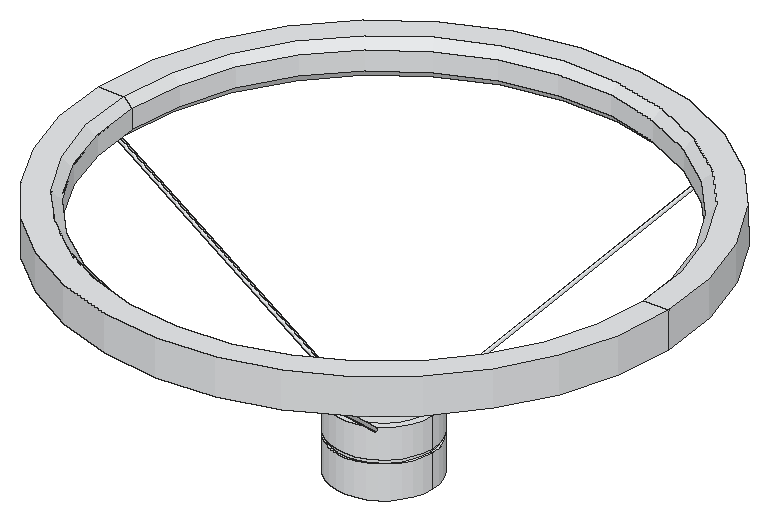
Revit family "32L-CR40-P-D", category Lighting Fixtures, host Face, Revit 2012
Parameters (values of type "ITL88488")
  Wattage = 9.2903 W
  built-in parameter 1150110 = 1 (stored number, unit not read)
  Voltage = 120 V
  URL = "http://www.litecontrol.com/"
  built-in parameter 1114217 = 1 (stored number, unit not read)
  Tilt Angle = 90.00°
  built-in parameter 1150109 = 1 (stored number, unit not read)
  built-in parameter 1150134 = 3
  built-in parameter 1150113 = 1 (stored number, unit not read)
  Product Page URL = "http://www.litecontrol.com/products/independant_32_led_cylinder_ring_pendant_direct"
  Product Documentation Link = "http://cdn.litecontrol.com/content/products/specs/specs_files/32L-CR-P-D.pdf"
  Photometric Web File = "ITL88488-GONIOPHOTOMETRY.IES"
  Pendant Height [instance] = 1' - 2.62"
  Model = "32L-CR40-P-D"  # constant formula
  Material = Hubbell Paint White
  Manufacturer Phone = "781-294-0100 "  # constant formula
  Manufacturer Fax = "781-293-2849"  # constant formula
  Manufacturer = "Lite Control"  # constant formula
  built-in parameter 1150105 = 109.82 (stored number, unit not read)
  Lumens = 1380 lm
  built-in parameter 1150115 = 1 (stored number, unit not read)
  built-in parameter 1150137 = (empty or 0)
  built-in parameter 1150139 = (empty or 0)
  built-in parameter 1150112 = 1 (stored number, unit not read)
  built-in parameter 1150114 = 1 (stored number, unit not read)
  Lamp = "LED"
  built-in parameter 1150132 = (empty or 0)
  built-in parameter 1150102 = (empty or 0)
  built-in parameter 1150107 = 3200 (stored number, unit not read)
  built-in parameter 1150138 = (empty or 0)
  built-in parameter 1150106 = 1.0982 (stored number, unit not read)
  Glass = Hubbell - Glass
  Emit from Circle Diameter = 0' - 6"
  Emit Shape Visible in Rendering = no
  built-in parameter 1150104 = 13.8 (stored number, unit not read)
  Dimming Lamp Color Temperature Shift = <None>
  Description = "Inde-Pendant 32 LED Cylinder & Ring Pendant Direct"  # constant formula
  Default Elevation = 4' - 0"
  Color Filter = 16777215
  built-in parameter 1114218 = 1 (stored number, unit not read)
  built-in parameter 1150133 = 10 (stored number, unit not read)
  Assembly Code = "D5020210"
  Apparent Load = 0 VA
Types (4): name | Photometric Web File | Pendant Height
  (no name) | "ITL88488-GONIOPHOTOMETRY.IES" | 1' - 2.62"
  ITL88482 | "ITL88482-GONIOPHOTOMETRY.IES" | 5' - 0"
  ITL88488 | "ITL88488-GONIOPHOTOMETRY.IES" | 1' - 2.62"
  ITL88490 | "ITL88490-GONIOPHOTOMETRY.IES" | 5' - 0"
Reference planes (in)
  plane 1 "Center (Front/Back)": y = 0
  plane 2: z = 0
  plane 3 "Center (Left/Right)": x = 0
  plane 4: z = 0
  plane 5: y = 10
  plane 6: y = -10
  plane 7: x = -20
  plane 8: x = 20
  plane 9: z = 4.6
  plane 10: z = 14.62
  plane 11: z = 17.09
Forms (in)
  Revolve 1, solid, material "Hubbell Paint White" <- "Material"
    sketch origin (0, 0, 0) x (1, 0, 0) y (0, 0, 1)
      loop
        line (0, 4.6) -> (-3.405, 4.6) -> (-3.405, 2.57) -> (-3.26438, 2.57) -> (-3.26438, 2.3) -> (-3.405, 2.3) -> (-3.405, 0) -> (0, 0) -> (0, 4.6)
      loop
        line (-20, 14.62) -> (-18.25, 14.62) -> (-17.67862, 15.19138) -> (-17.67862, 16.51862) -> (-18.25, 17.09) -> (-20, 17.09) -> (-20, 14.62)
      axis (0, 17.09) -> (0, 0)
    angle from 0 to 360
  Extrusion 2, solid, material "Hubbell - Glass" <- "Glass"
    sketch origin (0, 0, 4.6) x (0, 1, 0) y (-1, 0, 0)
      loop
        circle (0, 0) r 3
    from 0 to 0.44646
  Revolve 3, solid, material "Hubbell Paint White" <- "Material"
    sketch origin (11.89005, 0, 5.14155) x (0.978148, 0, 0.207912) y (-0.207912, 0, 0.978148)
      loop
        line (-28.77945, 16.02931) -> (-14.7962, 2.04605) -> (-14.70781, 2.13444) -> (-28.69107, 16.11769) -> (-28.77945, 16.02931)
      axis (-28.69107, 16.11769) -> (-14.70781, 2.13444)
    angle from 0 to 360
  Revolve 4, solid, material "Hubbell Paint White" <- "Material"
    sketch origin (-5.94503, -10.29709, 5.14155) x (-0.489074, -0.847101, 0.207912) y (0.103956, 0.180057, 0.978148)
      loop
        line (-28.77945, 16.02931) -> (-14.7962, 2.04605) -> (-14.70781, 2.13444) -> (-28.69107, 16.11769) -> (-28.77945, 16.02931)
      axis (-28.69107, 16.11769) -> (-14.70781, 2.13444)
    angle from 0 to 360
  Revolve 5, solid, material "Hubbell Paint White" <- "Material"
    sketch origin (-5.94503, 10.29709, 5.14155) x (-0.489074, 0.847101, 0.207912) y (0.103956, -0.180057, 0.978148)
      loop
        line (-28.77945, 16.02931) -> (-14.7962, 2.04605) -> (-14.70781, 2.13444) -> (-28.69107, 16.11769) -> (-28.77945, 16.02931)
      axis (-28.69107, 16.11769) -> (-14.70781, 2.13444)
    angle from 0 to 360
Dimensions and locks (in)
  equal spacing: plane 7, plane 3 "Center (Left/Right)", plane 8
  plane 7 to plane 8 = 3' - 4"
  equal spacing: plane 5, plane 1 "Center (Front/Back)", plane 6
  plane 5 to plane 6 = 1' - 8"
  plane 1 "Center (Front/Back)" to plane 5 = 0' - 10"
  locked: plane 9 to plane 4 at 4.6
  locked: plane 10 to plane 4 at 14.62
  locked: plane 11 to plane 10 at 2.47
  "Pendant Height": plane 10 to plane 2
  aligned and locked: plane 2 to host face
  aligned and locked: level to host face
  aligned and locked: plane 9 to Revolve 1 sketch curve
  aligned and locked: plane 11 to Revolve 1 sketch curve
  aligned and locked: Revolve 1 sketch curve to plane 10
  aligned and locked: imposter light to plane 3 "Center (Left/Right)"
  aligned and locked: imposter light to Extrusion 2
  aligned and locked: plane 1 "Center (Front/Back)" to imposter light
Automatic sketch dimensions
  host sketch curve to host sketch curve = 8' - 0"  (x2)
  Revolve 1 sketch curve to plane 7 = 0' - 0"
  Revolve 1 sketch curve to plane 4 = 0' - 0"  (x2)
  Revolve 1 sketch curve to plane 3 "Center (Left/Right)" = 0' - 0"  (x2)
  plane 7 to Revolve 1 sketch curve = 0' - 1 3/4"  (x2)
  Revolve 1 sketch curve to Revolve 1 sketch curve = 0' - 0.57138"  (x2)
  Revolve 1 sketch curve to Revolve 1 sketch curve = 0' - 3.405"
  Revolve 1 sketch curve to Revolve 1 sketch curve = 0' - 0"
  Revolve 1 sketch curve to Revolve 1 sketch curve = 0' - 0 9/64"
  plane 4 to Revolve 1 sketch curve = 0' - 2.3"
  Revolve 1 sketch curve to Revolve 1 sketch curve = 0' - 0.27"
  plane 10 to Revolve 1 sketch curve = 0' - 0.57138"
  plane 10 to Revolve 1 sketch curve = 0' - 11.38"
  Revolve 3 sketch curve to Revolve 3 sketch curve = 0' - 0.24087"
  Revolve 3 sketch curve to Revolve 3 sketch curve = 0' - 0.08839"  (x2)
  Revolve 3 sketch curve to Revolve 3 sketch curve = 0' - 10.93586"
  Revolve 3 sketch curve to Revolve 3 sketch curve = 0' - 2.95901"
  Revolve 3 sketch curve to Revolve 3 sketch curve = 0' - 0.15248"
  Revolve 3 sketch curve to Revolve 3 sketch curve = 0' - 3.04739"
  Revolve 4 sketch curve to Revolve 4 sketch curve = 0' - 0.24087"
  Revolve 4 sketch curve to Revolve 4 sketch curve = 0' - 0.08839"  (x2)
  Revolve 4 sketch curve to Revolve 4 sketch curve = 0' - 10.93586"
  Revolve 4 sketch curve to Revolve 4 sketch curve = 0' - 2.95901"
  Revolve 4 sketch curve to Revolve 4 sketch curve = 0' - 0.15248"
  Revolve 4 sketch curve to Revolve 4 sketch curve = 0' - 3.04739"
  Revolve 5 sketch curve to Revolve 5 sketch curve = 0' - 0.24087"
  Revolve 5 sketch curve to Revolve 5 sketch curve = 0' - 0.08839"  (x2)
  Revolve 5 sketch curve to Revolve 5 sketch curve = 0' - 10.93586"
  Revolve 5 sketch curve to Revolve 5 sketch curve = 0' - 2.95901"
  Revolve 5 sketch curve to Revolve 5 sketch curve = 0' - 0.15248"
  Revolve 5 sketch curve to Revolve 5 sketch curve = 0' - 3.04739"
  plane 10 to Revolve 3 sketch curve = 0' - 0.21699"
  plane 7 to Revolve 3 sketch curve = 0' - 0.40682"
  plane 10 to Revolve 4 sketch curve = 0' - 0.21699"
  plane 10 to Revolve 5 sketch curve = 0' - 0.21699"
  radius of Extrusion 2 sketch curve to Revolve 1 = 0' - 0.405"
Connectors (in)
  electrical at (0, 0, 0), driven by "Voltage", driven by "Apparent Load"
    settings: on Revolve 1, index 1, voltage 120 V, apparent load 0 VA, apparent load phase1 0 VA, apparent load phase2 0 VA, apparent load phase3 0 VA, power factor 1, load classification "Other", number of poles 1, system type 30, power factor state 1, is connector primary yes, connector utility no, sub classification motor no, connector description "Lighting Connector"
